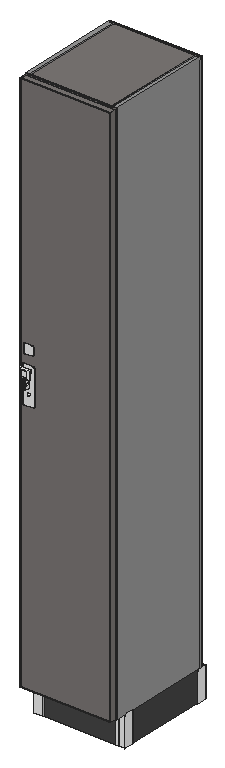
Revit family "Wood_Lockers_Hasps-Salsbury_Industries-41000_Series-1_Wide_Units.rfa", category Specialty Equipment, Revit 2016 (continued)
Definition of nested family "Premier Locker Doors_Hasp"
  Forms (in)
    Extrusion 1, solid, detail levels fine
      sketch origin (0, 0, 0) x (1, 0, 0) y (0, 0, 1)
        loop
          line (-5.9065, 0.031) -> (5.9065, 0.031) -> (5.9065, 71.719) -> (-5.9065, 71.719) -> (-5.9065, 0.031)
      from -0.344 to 0.344
    Extrusion 2, solid, material <- "Laminate Surface", detail levels fine
      sketch origin (0, 0.375, 0) x (1, 0, 0) y (0, 0, 1)
        loop
          line (-5.9065, 0.031) -> (5.9065, 0.031) -> (5.9065, 71.719) -> (-5.9065, 71.719) -> (-5.9065, 0.031)
      from 0.031 to 0
    Extrusion 3, solid, material <- "Laminate Surface"
      sketch origin (0, -0.375, 0) x (1, 0, 0) y (0, 0, 1)
        loop
          line (-5.9065, 0.031) -> (5.9065, 0.031) -> (5.9065, 71.719) -> (-5.9065, 71.719) -> (-5.9065, 0.031)
      from 0 to -0.031
    Sweep 4, solid, material <- "Door Trim"
      path origin (0, 0, 0) x (1, 0, 0) y (0, 0, 1)
        loop
          line (5.8125, 71.625) -> (-5.8125, 71.625) -> (-5.8125, 0.125) -> (5.8125, 0.125) -> (5.8125, 71.625)
      profile origin (0, 0, 71.625) x (0, 0, -1) y (0, -1, 0)
        loop
          line (-0.125, 0.375) -> (-0.125, -0.375) -> (-0.094, -0.375) -> (-0.094, 0.375) -> (-0.125, 0.375)
    Extrusion 5, void
      sketch origin (-1.875, -0.313, 0) x (1, 0, 0) y (0, 0, 1)
        loop
          arc (-3.41334, 40.75) -> (-3.51881, 40.70631) -> (-3.5625, 40.60084) r 0.14916
          line (-3.5625, 40.60084) -> (-3.5625, 39.64916)
          arc (-3.5625, 39.64916) -> (-3.51881, 39.54369) -> (-3.41334, 39.5) r 0.14916
          line (-3.41334, 39.5) -> (-2.46166, 39.5)
          arc (-2.46166, 39.5) -> (-2.35619, 39.54369) -> (-2.3125, 39.64916) r 0.14916
          line (-2.3125, 39.64916) -> (-2.3125, 40.60084)
          arc (-2.3125, 40.60084) -> (-2.35619, 40.70631) -> (-2.46166, 40.75) r 0.14916
          line (-2.46166, 40.75) -> (-3.41334, 40.75)
      from 0 to 0.062
    Extrusion 6, solid, visible <- "Visible Number Plates", detail levels medium+fine
      sketch origin (-1.875, -0.375, 0) x (1, 0, 0) y (0, 0, 1)
        loop
          arc (-3.41334, 40.75) -> (-3.51881, 40.70631) -> (-3.5625, 40.60084) r 0.14916
          line (-3.5625, 40.60084) -> (-3.5625, 39.64916)
          arc (-3.5625, 39.64916) -> (-3.51881, 39.54369) -> (-3.41334, 39.5) r 0.14916
          line (-3.41334, 39.5) -> (-2.46166, 39.5)
          arc (-2.46166, 39.5) -> (-2.35619, 39.54369) -> (-2.3125, 39.64916) r 0.14916
          line (-2.3125, 39.64916) -> (-2.3125, 40.60084)
          arc (-2.3125, 40.60084) -> (-2.35619, 40.70631) -> (-2.46166, 40.75) r 0.14916
          line (-2.46166, 40.75) -> (-3.41334, 40.75)
      from -0.062 to 0
    Extrusion 7, solid, detail levels medium+fine
      sketch origin (0, 0.375, 0) x (1, 0, 0) y (0, 0, 1)
        loop
          circle (-5.4875, 71.3) r 0.25
      from 0 to -0.25
    Extrusion 8, solid, detail levels medium+fine
      sketch origin (0, 0.375, 0) x (1, 0, 0) y (0, 0, 1)
        loop
          line (5.3125, 68.5) -> (5.3125, 69) -> (4.8125, 69) -> (4.8125, 68.5) -> (5.3125, 68.5)
      from 0 to -0.25
    Extrusion 9, solid, detail levels medium+fine
      sketch origin (0, 0.375, -0.25) x (1, 0, 0) y (0, 0, 1)
        loop
          line (5.3125, 3) -> (5.3125, 3.5) -> (4.8125, 3.5) -> (4.8125, 3) -> (5.3125, 3)
      from 0 to -0.25
    Extrusion 10, solid, visible <- "Visible Center Hinge", detail levels medium+fine
      sketch origin (0, 0.375, -0.25) x (1, 0, 0) y (0, 0, 1)
        loop
          line (5.3125, 35.875) -> (5.3125, 36.375) -> (4.8125, 36.375) -> (4.8125, 35.875) -> (5.3125, 35.875)
      from 0 to -0.25
    Extrusion 11, void
      sketch origin (-1.875, -0.375, 0) x (1, 0, 0) y (0, 0, 1)
        loop
          arc (-3.5625, 38.3125) -> (-3.65089, 38.27589) -> (-3.6875, 38.1875) r 0.125
          line (-3.6875, 38.1875) -> (-3.6875, 33.5625)
          arc (-3.6875, 33.5625) -> (-3.65089, 33.47411) -> (-3.5625, 33.4375) r 0.125
          line (-3.5625, 33.4375) -> (-2.3125, 33.4375)
          arc (-2.3125, 33.4375) -> (-2.22411, 33.47411) -> (-2.1875, 33.5625) r 0.125
          line (-2.1875, 33.5625) -> (-2.1875, 38.1875)
          arc (-2.1875, 38.1875) -> (-2.22411, 38.27589) -> (-2.3125, 38.3125) r 0.125
          line (-2.3125, 38.3125) -> (-3.5625, 38.3125)
      from -0.062 to 0
    Extrusion 12, solid
      sketch origin (-1.875, -0.375, 0) x (1, 0, 0) y (0, 0, 1)
        loop
          line (-2.3125, 38.3125) -> (-3.5625, 38.3125)
          arc (-3.5625, 38.3125) -> (-3.65089, 38.27589) -> (-3.6875, 38.1875) r 0.125
          line (-3.6875, 38.1875) -> (-3.6875, 33.5625)
          arc (-3.6875, 33.5625) -> (-3.65089, 33.47411) -> (-3.5625, 33.4375) r 0.125
          line (-3.5625, 33.4375) -> (-2.3125, 33.4375)
          arc (-2.3125, 33.4375) -> (-2.22411, 33.47411) -> (-2.1875, 33.5625) r 0.125
          line (-2.1875, 33.5625) -> (-2.1875, 38.1875)
          arc (-2.1875, 38.1875) -> (-2.22411, 38.27589) -> (-2.3125, 38.3125) r 0.125
      from 0 to -0.062
    Extrusion 13, void
      sketch origin (-1.875, -0.375, 0) x (1, 0, 0) y (0, 0, 1)
        loop
          line (-3.1255, 36.6245) -> (-3.1255, 35.74816)
          arc (-3.1255, 35.74816) -> (-2.9375, 35.56016) -> (-2.7495, 35.74816) r 0.188
          line (-2.7495, 35.74816) -> (-2.7495, 36.6245)
          arc (-2.7495, 36.6245) -> (-2.9375, 36.8125) -> (-3.1255, 36.6245) r 0.188
      from 0 to -0.75
    Sweep 14, solid, detail levels medium+fine
      path origin (-1.875, -0.375, 0) x (1, 0, 0) y (0, 0, 1)
        loop
          circle (-2.9375, 34.8125) r 0.01
      profile origin (-4.8125, -0.375, 34.8225) x (0, 0, -1) y (0, -1, 0)
        loop
          line (0, 0) -> (0, 0.125)
          arc (0, 0.125) -> (-0.10032, 0.09036) -> (-0.156, 0) r 0.15776
          line (-0.156, 0) -> (0, 0)
    Extrusion 15, solid, detail levels medium+fine
      sketch origin (-1.875, -0.375, 0) x (1, 0, 0) y (0, 0, 1)
        loop
          circle (-2.9375, 34.8125) r 0.01
      from 0 to 0.125
    Sweep 16, solid
      path origin (-1.875, -0.375, 0) x (1, 0, 0) y (0, 0, 1)
        loop
          line (-3.5625, 38.1875) -> (-3.5625, 36.9375) -> (-2.3125, 36.9375) -> (-2.3125, 38.1875) -> (-3.5625, 38.1875)
      profile origin (-4.8125, -0.375, 38.1875) x (0, 0, 1) y (0, -1, 0)
        loop
          line (-0.38067, 0) -> (-0.38067, 0.24142)
          arc (-0.38067, 0.24142) -> (-0.34525, 0.34191) -> (-0.25465, 0.39797) r 0.16024
          arc (-0.25465, 0.39797) -> (-0.10494, 0.46941) -> (0, 0.59789) r 0.37946
          spline (0, 0.59789) -> (-0.00179, 0.61485) -> (-0.00715, 0.6316) -> (-0.01601, 0.64793) -> (-0.02825, 0.66364) -> (-0.04373, 0.67852) -> (-0.06225, 0.6924) -> (-0.08358, 0.7051) -> (-0.10745, 0.71647) -> (-0.13357, 0.72635) -> (-0.16161, 0.73463) -> (-0.19123, 0.74121) -> (-0.22204, 0.746)
          arc (-0.22204, 0.746) -> (-0.31051, 0.60028) -> (-0.42829, 0.47704) r 0.78682
          arc (-0.42829, 0.47704) -> (-0.50625, 0.37521) -> (-0.53396, 0.25) r 0.29673
          line (-0.53396, 0.25) -> (-0.53396, 0) -> (-0.38067, 0)
    Blend 17, solid
      base sketch origin (-1.875, -1.125, 0) x (0, 0, -1) y (-1, 0, 0)
        loop
          line (-37.96546, 3.34046) -> (-37.96546, 2.53454) -> (-37.15954, 2.53454) -> (-37.15954, 3.34046) -> (-37.96546, 3.34046)
      top sketch origin (-1.875, -1.125, 0) x (0, 0, -1) y (-1, 0, 0)
        loop
          line (-37.93279, 3.30777) -> (-37.93279, 2.56715) -> (-37.19211, 2.56715) -> (-37.19211, 3.30777) -> (-37.93279, 3.30777)
      from 0 to 0.031
    Extrusion 18, solid
      sketch origin (-4.8125, 0, 0) x (0, 0, -1) y (0, -1, 0)
        loop
          line (-35.6844, 1) -> (-36.6844, 1) -> (-36.6844, -0.375) -> (-35.6844, -0.375) -> (-35.6844, 1)
      from -0.063 to 0.063
    Extrusion 19, void
      sketch origin (-4.8125, 35.51803, 36.85077) x (0, 1, 0) y (0, 0, -1)
        loop
          circle (-36.1844, 0.66637) r 0.25
      from -0.063 to 0.063
  Cuts and joins
    Extrusion 5, Extrusion 13 cuts Extrusion 1
    Extrusion 5, Extrusion 11 cuts Extrusion 3
    Extrusion 13 cuts Extrusion 12
    Extrusion 13 cuts Extrusion 2
    Extrusion 19 cuts Extrusion 18
  Lines and regions (in)
    symbolic lines
      curve 1: line (-5.9375, 0.375, 0) -> (5.9375, 0.375, 0)
      curve 2: line (5.9375, 0.375, 0) -> (5.9375, 0.375, 71.75)
      curve 3: line (5.9375, 0.375, 71.75) -> (-5.9375, 0.375, 71.75)
      curve 4: line (-5.9375, 0.375, 71.75) -> (-5.9375, 0.375, 0)
      curve 5: line (-5.9375, 0.375, 71.625) -> (5.9375, 0.375, 71.625)
      curve 6: line (-5.9375, -0.375, 71.625) -> (-5.9375, 0.375, 71.625)
      curve 7: line (5.9375, -0.375, 71.625) -> (-5.9375, -0.375, 71.625)
      curve 8: line (5.9375, 0.375, 71.625) -> (5.9375, -0.375, 71.625)
      curve 9: line (5.3125, 0.375, 71.625) -> (5.3125, 0.625, 71.625)
      curve 10: line (5.3125, 0.625, 71.625) -> (4.8125, 0.625, 71.625)
      curve 11: line (4.8125, 0.625, 71.625) -> (4.8125, 0.375, 71.625)
      curve 12: line (-5.73713, 0.375, 71.625) -> (-5.73713, 0.625, 71.625)
      curve 13: line (-5.2375, 0.375, 71.625) -> (-5.2375, 0.625, 71.625)
      curve 14: line (-5.2375, 0.625, 71.625) -> (-5.73713, 0.625, 71.625)
      curve 15: line (-4.8125, -0.375, 71.75) -> (-4.8125, 0.375, 71.75)
      curve 16: line (-4.8125, -0.375, 0) -> (-4.8125, -0.375, 71.75)
      curve 17: line (-4.8125, 0.375, 0) -> (-4.8125, -0.375, 0)
      curve 18: line (-4.8125, 0.375, 71.75) -> (-4.8125, 0.375, 0)
      curve 19: line (-4.8125, 0.375, 69) -> (-4.8125, 0.625, 69)
      curve 20: line (-4.8125, 0.625, 69) -> (-4.8125, 0.625, 68.5)
      curve 21: line (-4.8125, 0.625, 68.5) -> (-4.8125, 0.375, 68.5)
      curve 22: line (-4.8125, 0.375, 3.25) -> (-4.8125, 0.625, 3.25)
      curve 23: line (-4.8125, 0.625, 3.25) -> (-4.8125, 0.625, 2.75)
      curve 24: line (-4.8125, 0.625, 2.75) -> (-4.8125, 0.375, 2.75)
      curve 25: line (-4.8125, 0.375, 36.125) -> (-4.8125, 0.625, 36.125)
      curve 26: line (-4.8125, 0.625, 36.125) -> (-4.8125, 0.625, 35.625)
      curve 27: line (-4.8125, 0.625, 35.625) -> (-4.8125, 0.375, 35.625)
      curve 28: line (-5.5625, -0.375, 71.625) -> (-4.0625, -0.375, 71.625)
      curve 29: line (-5.4375, -1.125, 38.3125) -> (-4.1875, -1.125, 38.3125)
      curve 30: arc (-4.0625, -1.125, 38.1875) -> (-4.09911, -1.125, 38.27589) -> (-4.1875, -1.125, 38.3125) r 0.125
      curve 31: arc (-5.4375, -1.125, 38.3125) -> (-5.52589, -1.125, 38.27589) -> (-5.5625, -1.125, 38.1875) r 0.125
      curve 32: line (-5.5625, -1.125, 33.5625) -> (-5.5625, -1.125, 38.1875)
      curve 33: line (-4.0625, -1.125, 38.1875) -> (-4.0625, -1.125, 33.5625)
      curve 34: arc (-4.1875, -1.125, 33.4375) -> (-4.09911, -1.125, 33.47411) -> (-4.0625, -1.125, 33.5625) r 0.125
      curve 35: arc (-5.5625, -1.125, 33.5625) -> (-5.52589, -1.125, 33.47411) -> (-5.4375, -1.125, 33.4375) r 0.125
      curve 36: line (-4.1875, -1.125, 33.4375) -> (-5.4375, -1.125, 33.4375)
      curve 37: arc (-4.6245, -1.125, 36.6245) -> (-4.8125, -1.125, 36.8125) -> (-5.0005, -1.125, 36.6245) r 0.188
      curve 38: arc (-5.0005, -1.125, 35.7505) -> (-4.8125, -1.125, 35.5625) -> (-4.6245, -1.125, 35.7505) r 0.188
      curve 39: line (-4.6245, -1.125, 36.6245) -> (-4.6245, -1.125, 35.7505)
      curve 40: line (-5.0005, -1.125, 35.7505) -> (-5.0005, -1.125, 36.6245)
      curve 41: line (-4.1875, -1.125, 36.9375) -> (-5.4375, -1.125, 36.9375)
      curve 42: line (-4.1875, -1.125, 38.1875) -> (-4.1875, -1.125, 36.9375)
      curve 43: line (-5.4375, -1.125, 36.9375) -> (-5.4375, -1.125, 38.1875)
      curve 44: line (-5.4375, -1.125, 38.1875) -> (-4.1875, -1.125, 38.1875)
      curve 45: line (-4.8755, -1.125, 36.6844) -> (-4.7495, -1.125, 36.6844)
      curve 46: line (-4.7495, -1.125, 36.6844) -> (-4.7495, -1.125, 35.6844)
      curve 47: line (-4.8755, -1.125, 35.6844) -> (-4.8755, -1.125, 36.6844)
      curve 48: line (-4.7495, -1.125, 35.6844) -> (-4.8755, -1.125, 35.6844)
      curve 49: line (-4.8125, -1, 36.6844) -> (-4.8125, -0.375, 36.6844)
      curve 50: line (-4.8125, -1, 35.6844) -> (-4.8125, -1, 36.6844)
      curve 51: line (-4.8125, -0.375, 35.6844) -> (-4.8125, -1, 35.6844)
      curve 52: arc (-4.8125, -0.91637, 36.1844) -> (-4.8125, -0.66637, 36.4344) -> (-4.8125, -0.41637, 36.1844) r 0.25
      curve 53: arc (-4.8125, -0.41637, 36.1844) -> (-4.8125, -0.66637, 35.9344) -> (-4.8125, -0.91637, 36.1844) r 0.25
      curve 54: line (-4.8125, -0.375, 37.31817) -> (-4.8125, -0.61642, 37.31817)
      curve 55: arc (-4.8125, -0.77297, 37.19215) -> (-4.8125, -0.71691, 37.28275) -> (-4.8125, -0.61642, 37.31817) r 0.16024
      curve 56: arc (-4.8125, -0.97289, 36.9375) -> (-4.8125, -0.84441, 37.04244) -> (-4.8125, -0.77297, 37.19215) r 0.37946
      curve 57: spline (-4.8125, -1.121, 37.15954) -> (-4.8125, -1.11621, 37.12873) -> (-4.8125, -1.10963, 37.09911) -> (-4.8125, -1.10135, 37.07107) -> (-4.8125, -1.09147, 37.04495) -> (-4.8125, -1.0801, 37.02108) -> (-4.8125, -1.0674, 36.99975) -> (-4.8125, -1.05352, 36.98123) -> (-4.8125, -1.03864, 36.96575) -> (-4.8125, -1.02293, 36.95351) -> (-4.8125, -1.0066, 36.94465) -> (-4.8125, -0.98985, 36.93929) -> (-4.8125, -0.97289, 36.9375)
      curve 58: line (-4.8125, -1.125, 37.15954) -> (-4.8125, -1.125, 37.96546)
      curve 59: spline (-4.8125, -1.121, 37.96546) -> (-4.8125, -1.11621, 37.99627) -> (-4.8125, -1.10963, 38.02589) -> (-4.8125, -1.10135, 38.05393) -> (-4.8125, -1.09147, 38.08005) -> (-4.8125, -1.0801, 38.10392) -> (-4.8125, -1.0674, 38.12525) -> (-4.8125, -1.05352, 38.14377) -> (-4.8125, -1.03864, 38.15925) -> (-4.8125, -1.02293, 38.17149) -> (-4.8125, -1.0066, 38.18035) -> (-4.8125, -0.98985, 38.18571) -> (-4.8125, -0.97289, 38.1875)
      curve 60: arc (-4.8125, -0.97289, 38.1875) -> (-4.8125, -0.84441, 38.08256) -> (-4.8125, -0.77297, 37.93285) r 0.37946
      curve 61: arc (-4.8125, -0.77297, 37.93285) -> (-4.8125, -0.71691, 37.84225) -> (-4.8125, -0.61642, 37.80683) r 0.16024
      curve 62: line (-4.8125, -0.61642, 37.80683) -> (-4.8125, -0.375, 37.80683)
      curve 63: line (-5.05683, -0.61642, 71.625) -> (-5.05683, -0.375, 71.625)
      curve 64: arc (-5.18285, -0.77297, 71.625) -> (-5.09225, -0.71691, 71.625) -> (-5.05683, -0.61642, 71.625) r 0.16024
      curve 65: arc (-5.4375, -0.97289, 71.625) -> (-5.33256, -0.84441, 71.625) -> (-5.18285, -0.77297, 71.625) r 0.37946
      curve 66: line (-4.40954, -1.125, 71.625) -> (-5.21546, -1.125, 71.625)
      curve 67: spline (-4.40954, -1.121, 71.625) -> (-4.37873, -1.11621, 71.625) -> (-4.34911, -1.10963, 71.625) -> (-4.32107, -1.10135, 71.625) -> (-4.29495, -1.09147, 71.625) -> (-4.27108, -1.0801, 71.625) -> (-4.24975, -1.0674, 71.625) -> (-4.23123, -1.05352, 71.625) -> (-4.21575, -1.03864, 71.625) -> (-4.20351, -1.02293, 71.625) -> (-4.19465, -1.0066, 71.625) -> (-4.18929, -0.98985, 71.625) -> (-4.1875, -0.97289, 71.625)
      curve 68: arc (-4.1875, -0.97289, 71.625) -> (-4.29244, -0.84441, 71.625) -> (-4.44215, -0.77297, 71.625) r 0.37946
      curve 69: arc (-4.44215, -0.77297, 71.625) -> (-4.53275, -0.71691, 71.625) -> (-4.56817, -0.61642, 71.625) r 0.16024
      curve 70: line (-4.56817, -0.375, 71.625) -> (-4.56817, -0.61642, 71.625)
      curve 71: spline (-5.21546, -1.121, 71.625) -> (-5.24627, -1.11621, 71.625) -> (-5.27589, -1.10963, 71.625) -> (-5.30393, -1.10135, 71.625) -> (-5.33005, -1.09147, 71.625) -> (-5.35392, -1.0801, 71.625) -> (-5.37525, -1.0674, 71.625) -> (-5.39377, -1.05352, 71.625) -> (-5.40925, -1.03864, 71.625) -> (-5.42149, -1.02293, 71.625) -> (-5.43035, -1.0066, 71.625) -> (-5.43571, -0.98985, 71.625) -> (-5.4375, -0.97289, 71.625)
    reference lines
      curve 72: line (-5.9375, 0, 71.75) -> (5.3435, 0, 71.75)
      curve 73: line (5.3435, 0, 71.75) -> (-5.9375, 0, 71.75)
  Dimensions and locks (in)
    equal spacing: plane 4 "Left Side of Door", plane 3 "Center (Left/Right)", plane 5 "Right Side of Door"
    "Width": plane 4 "Left Side of Door" to plane 5 "Right Side of Door"
    equal spacing: plane 7 "Front of Door", plane 1 "Center (Front/Back)", plane 6 "Back of Door"
    "Depth": plane 7 "Front of Door" to plane 6 "Back of Door"
    equal spacing: plane 9 "Top of Door", plane 10 "Center of Door", plane 8 "Bottom of Door"
    "Height": plane 9 "Top of Door" to plane 8 "Bottom of Door"
    equal spacing: plane 11 "Top of Number Tag", plane 16 "Center of Number Tag", plane 12 "Bottom of Number Tag"
    "Number Tag Height": plane 11 "Top of Number Tag" to plane 12 "Bottom of Number Tag"
    equal spacing: plane 14 "Right Side of Number Tag", plane 15 "Horizontal Center of Number Tag", plane 13 "Left Side of Number Tag"
    "Number Tag Width": plane 14 "Right Side of Number Tag" to plane 13 "Left Side of Number Tag"
    "Number Tag-Horizontal Offset": plane 15 "Horizontal Center of Number Tag" to plane 5 "Right Side of Door"
    "Number Tag-Vertical Offset": plane 9 "Top of Door" to plane 16 "Center of Number Tag"
    "Lock Horizontal Offset": plane 4 "Left Side of Door" to plane 17 "Left Side of Lock"
    equal spacing: plane 20 "Top of Lock", plane 19 "Lock Vertical Center", plane 21 "Bottom of Lock"
    "Lock Height": plane 20 "Top of Lock" to plane 21 "Bottom of Lock"
    "Lock Vertical Offset": plane 9 "Top of Door" to plane 19 "Lock Vertical Center"
    plane 22 "Front of Hasp Stud" to plane 7 "Front of Door" = 0.125"
    locked: plane 24 "Right Side of Door-Left Side of Trim" to plane 5 "Right Side of Door" at 0.125
    locked: plane 4 "Left Side of Door" to plane 23 "Left Side of Door-Right Side of Trim" at 0.125
    locked: plane 9 "Top of Door" to plane 25 "Top of Door-Bottom of Trim" at 0.125
    plane 26 "Bottom of Door-Top of Trim" to plane 8 "Bottom of Door" = 0.125"
    plane 28 "Melamine-Particleboard Line" to plane 6 "Back of Door" = 0.031"
    plane 7 "Front of Door" to plane 27 "Laminate-Particleboard Line" = 0.031"
    plane 27 "Laminate-Particleboard Line" to plane 29 "Back of Number Plate Inset" = 0.031"
    equal spacing: plane 18 "Right Side of Lock", plane 30 "Center of Lock", plane 17 "Left Side of Lock", locked at 0.75 each
    "Lock Width": plane 18 "Right Side of Lock" to plane 17 "Left Side of Lock"
    plane 22 "Front of Hasp Stud" to plane 31 = 0.312"
    plane 6 "Back of Door" to plane 32 "Door Stopper Plane" = 0.250"
    locked: plane 23 "Left Side of Door-Right Side of Trim" to plane 33 at 0.325
    locked: plane 25 "Top of Door-Bottom of Trim" to plane 34 at 0.325
    locked: plane 9 "Top of Door" to plane 35 "Top Hinge" at 3
    plane 36 to plane 5 "Right Side of Door" = 0.625"
    plane 6 "Back of Door" to plane 28 "Melamine-Particleboard Line" = 0.031"
    plane 9 "Top of Door" to plane 25 "Top of Door-Bottom of Trim" = 0.125"
    plane 7 "Front of Door" to plane 38 "Inner Knob" = 0.719"
    locked: plane 38 "Inner Knob" to plane 39 "Front of Knob" at 0.031
    locked: plane 40 to plane 20 "Top of Lock" at 1.125
    locked: plane 21 "Bottom of Lock" to plane 41 at 1.125
    locked: plane 20 "Top of Lock" to plane 42 at 0.125
    locked: plane 18 "Right Side of Lock" to plane 43 at 0.125
    locked: plane 44 to plane 17 "Left Side of Lock" at 0.125
    plane 42 to plane 45 = 1.250"
    locked: plane 45 to plane 46 "Top of Hole" at 0.125
    plane 48 to plane 30 "Center of Lock" to plane 47 = 0.188" locked, 0.188" locked
    locked: plane 46 "Top of Hole" to plane 49 "Bottom of Hole" at 1.25
    plane 49 "Bottom of Hole" to plane 50 "Stud Alignment" = 0.750"
    locked: plane 42 to plane 51 "Center of Handle" at 0.625
    plane 52 to plane 51 "Center of Handle" to plane 53 = 0.188" locked, 0.188" locked
    plane 7 "Front of Door" to plane 39 "Front of Knob" = 0.750"
    locked: plane 42 to plane 54 at 0.22204
    locked: plane 55 to plane 45 at 0.22204
    locked: plane 7 "Front of Door" to plane 56 "Front of Latch" at 0.625
    locked: plane 57 to plane 58 at 1
    locked: plane 46 "Top of Hole" to plane 57 at 0.1281
    equal spacing: plane 58, plane 59, plane 57
    locked: plane 60 to plane 5 "Right Side of Door" at 0.594
    locked: plane 57 to plane 61 at 0.0599
    locked: plane 62 to plane 58 at 0.06376
    plane 12 "Bottom of Number Tag" to plane 20 "Top of Lock" = 1.1875"
    aligned and locked: level to plane 2
    aligned and locked: Extrusion 5 to plane 11 "Top of Number Tag"
    aligned and locked: plane 12 "Bottom of Number Tag" to Extrusion 5
    aligned and locked: Extrusion 5 to plane 14 "Right Side of Number Tag"
    aligned and locked: Extrusion 5 to plane 13 "Left Side of Number Tag"
    aligned and locked: plane 29 "Back of Number Plate Inset" to Extrusion 5
    aligned and locked: plane 7 "Front of Door" to Extrusion 5
    aligned and locked: plane 29 "Back of Number Plate Inset" to Extrusion 6
    aligned and locked: plane 7 "Front of Door" to Extrusion 6
    aligned and locked: Extrusion 6 to plane 14 "Right Side of Number Tag"
    aligned and locked: Extrusion 6 to plane 13 "Left Side of Number Tag"
    aligned and locked: Extrusion 6 to plane 11 "Top of Number Tag"
    aligned and locked: plane 12 "Bottom of Number Tag" to Extrusion 6
    aligned and locked: curve 9 to Extrusion 8
    aligned and locked: curve 10 to Extrusion 8
    aligned and locked: curve 11 to Extrusion 8
    aligned and locked: Extrusion 7 to curve 12
    aligned and locked: curve 14 to Extrusion 7
    aligned and locked: curve 16 to plane 7 "Front of Door"
    aligned and locked: curve 19 to Extrusion 8  (x2)
    aligned and locked: curve 21 to Extrusion 8
    aligned and locked: curve 18 to curve 22
    aligned and locked: curve 22 to Extrusion 9  (x2)
    aligned and locked: curve 24 to Extrusion 9
    aligned and locked: curve 25 to Extrusion 10
    aligned and locked: curve 26 to Extrusion 10
    aligned and locked: curve 27 to Extrusion 10
    aligned and locked: plane 20 "Top of Lock" to Extrusion 11 sketch curve
    aligned and locked: Extrusion 11 sketch curve to plane 21 "Bottom of Lock"
    aligned and locked: Extrusion 11 to plane 29 "Back of Number Plate Inset"
    aligned and locked: plane 7 "Front of Door" to Extrusion 11
    aligned and locked: Extrusion 3 to Extrusion 11
    aligned and locked: plane 50 "Stud Alignment" to Sweep 14  (x2)
    aligned and locked: Extrusion 15 to plane 7 "Front of Door"
    aligned and locked: Extrusion 15 to plane 22 "Front of Hasp Stud"
    aligned and locked: plane 50 "Stud Alignment" to Extrusion 15
    aligned and locked: Blend 17 to plane 39 "Front of Knob"
    aligned and locked: plane 38 "Inner Knob" to Blend 17
    aligned and locked: plane 6 "Back of Door" to Extrusion 18 sketch curve
    aligned and locked: plane 56 "Front of Latch" to Extrusion 18 sketch curve
    aligned and locked: Extrusion 18 to plane 57
    aligned and locked: plane 58 to Extrusion 18
    aligned and locked: plane 59 to cut or joined group of Extrusion 18, Extrusion 19
    aligned and locked: plane 61 to Extrusion 13 sketch curve  (x2)
    aligned and locked: plane 62 to Extrusion 13 sketch curve  (x2)
  Automatic sketch dimensions
    Extrusion 1 sketch curve to plane 4 "Left Side of Door" = 0.031"
    plane 5 "Right Side of Door" to Extrusion 1 sketch curve = 0.031"
    level to Extrusion 1 sketch curve = 0.031"
    plane 9 "Top of Door" to Extrusion 1 sketch curve = 0.031"
    Extrusion 2 sketch curve to plane 4 "Left Side of Door" = 0.031"
    plane 5 "Right Side of Door" to Extrusion 2 sketch curve = 0.031"
    level to Extrusion 2 sketch curve = 0.031"
    plane 9 "Top of Door" to Extrusion 2 sketch curve = 0.031"
    Extrusion 3 sketch curve to plane 4 "Left Side of Door" = 0.031"
    plane 5 "Right Side of Door" to Extrusion 3 sketch curve = 0.031"
    level to Extrusion 3 sketch curve = 0.031"
    plane 9 "Top of Door" to Extrusion 3 sketch curve = 0.031"
    plane 23 "Left Side of Door-Right Side of Trim" to Sweep 4 sketch curve = 0.000"
    plane 24 "Right Side of Door-Left Side of Trim" to Sweep 4 sketch curve = 0.000"  (x2)
    Sweep 4 sketch curve to plane 26 "Bottom of Door-Top of Trim" = 0.000"
    Sweep 4 sketch curve to plane 25 "Top of Door-Bottom of Trim" = 0.000"
    profile plane to Sweep 4 sketch curve = 0.125"
    Sweep 4 sketch curve to Sweep 4 sketch curve = 0.031"
    Sweep 4 sketch curve to plane 1 "Center (Front/Back)" = 0.375"
    plane 1 "Center (Front/Back)" to Sweep 4 sketch curve = 0.375"
    Extrusion 7 sketch curve to plane 33 = 0.000"
    Extrusion 7 sketch curve to plane 34 = 0.000"
    plane 36 to Extrusion 8 sketch curve = 0.000"
    Extrusion 8 sketch curve to Extrusion 8 sketch curve = 0.500"
    plane 35 "Top Hinge" to Extrusion 8 sketch curve = 0.250"
    Extrusion 8 sketch curve to plane 35 "Top Hinge" = 0.250"
    plane 36 to Extrusion 9 sketch curve = 0.000"
    Extrusion 9 sketch curve to Extrusion 9 sketch curve = 0.500"
    plane 37 "Bottom Hinge" to Extrusion 9 sketch curve = 0.250"
    Extrusion 9 sketch curve to plane 37 "Bottom Hinge" = 0.250"
    plane 36 to Extrusion 10 sketch curve = 0.000"
    Extrusion 10 sketch curve to Extrusion 10 sketch curve = 0.500"
    curve 4 to level = 0.000"
    plane 4 "Left Side of Door" to curve 4 = 0.000"
    plane 5 "Right Side of Door" to curve 3 = 0.000"
    curve 3 to plane 9 "Top of Door" = 0.000"
    Extrusion 5 sketch curve to plane 13 "Left Side of Number Tag" = 0.000"
    Extrusion 5 sketch curve to plane 12 "Bottom of Number Tag" = 0.000"
    Extrusion 5 sketch curve to plane 11 "Top of Number Tag" = 0.000"
    Extrusion 5 sketch curve to plane 14 "Right Side of Number Tag" = 0.000"
    Extrusion 6 sketch curve to plane 13 "Left Side of Number Tag" = 0.000"
    Extrusion 6 sketch curve to plane 12 "Bottom of Number Tag" = 0.000"
    Extrusion 6 sketch curve to plane 11 "Top of Number Tag" = 0.000"
    Extrusion 6 sketch curve to plane 14 "Right Side of Number Tag" = 0.000"
    Extrusion 11 sketch curve to plane 13 "Left Side of Number Tag" = 0.125"
    Extrusion 10 sketch curve to plane 10 "Center of Door" = 0.250"
    plane 10 "Center of Door" to Extrusion 10 sketch curve = 0.250"
    Extrusion 11 sketch curve to plane 21 "Bottom of Lock" = 0.125"
    plane 13 "Left Side of Number Tag" to Extrusion 5 sketch curve = 0.14916"
    Extrusion 5 sketch curve to Extrusion 5 sketch curve = 0.14916"  (x2)
    plane 13 "Left Side of Number Tag" to Extrusion 6 sketch curve = 0.14916"
    Extrusion 6 sketch curve to plane 12 "Bottom of Number Tag" = 0.14916"
    plane 13 "Left Side of Number Tag" to Extrusion 11 sketch curve = 0.000"  (x2)
    Extrusion 5 sketch curve to plane 12 "Bottom of Number Tag" = 0.14916"
    Extrusion 6 sketch curve to plane 14 "Right Side of Number Tag" = 0.14916"  (x2)
    plane 14 "Right Side of Number Tag" to Extrusion 11 sketch curve = 0.000"  (x2)
    Extrusion 12 sketch curve to plane 17 "Left Side of Lock" = 0.000"
    plane 13 "Left Side of Number Tag" to Extrusion 12 sketch curve = 0.000"  (x2)
    plane 14 "Right Side of Number Tag" to Extrusion 12 sketch curve = 0.000"  (x2)
    Extrusion 12 sketch curve to plane 20 "Top of Lock" = 0.000"
    Extrusion 12 sketch curve to plane 18 "Right Side of Lock" = 0.000"
    Extrusion 12 sketch curve to plane 21 "Bottom of Lock" = 0.125"
    plane 15 "Horizontal Center of Number Tag" to Sweep 14 sketch curve = 0.000"
    Sweep 14 sketch curve to plane 50 "Stud Alignment" = 0.000"
    Sweep 14 sketch curve to plane 7 "Front of Door" = 0.000"
    Sweep 14 sketch curve to profile plane = 0.000"
    profile plane to Sweep 14 sketch curve = 0.00168"
    profile plane to Sweep 14 sketch curve = 0.156"
    Sweep 14 sketch curve to plane 7 "Front of Door" = 0.03275"
    Extrusion 15 sketch curve to Extrusion 15 sketch curve = 0.000"  (x2)
    Extrusion 15 sketch curve to plane 50 "Stud Alignment" = 0.000"
    plane 15 "Horizontal Center of Number Tag" to Extrusion 15 sketch curve = 0.000"
    plane 15 "Horizontal Center of Number Tag" to Extrusion 15 sketch curve = 0.010"
    plane 13 "Left Side of Number Tag" to Sweep 16 sketch curve = 0.000"
    plane 14 "Right Side of Number Tag" to Sweep 16 sketch curve = 0.000"
    Sweep 16 sketch curve to plane 45 = 0.000"
    Sweep 16 sketch curve to plane 42 = 0.000"
    Sweep 16 sketch curve to plane 7 "Front of Door" = 0.000"
    profile plane to Sweep 16 sketch curve = 0.000"
    profile plane to Sweep 16 sketch curve = 0.22043"
    Sweep 16 sketch curve to Sweep 16 sketch curve = 0.01681"
    profile plane to Sweep 16 sketch curve = 0.33926"
    Sweep 16 sketch curve to Sweep 16 sketch curve = 0.14344"
    Sweep 16 sketch curve to Sweep 16 sketch curve = 0.15329"
    Sweep 16 sketch curve to Sweep 16 sketch curve = 0.59563"
    Sweep 16 sketch curve to Sweep 16 sketch curve = 0.24142"
    Sweep 16 sketch curve to Sweep 16 sketch curve = 0.00858"
    Sweep 16 sketch curve to Sweep 16 sketch curve = 0.51788"
    Sweep 16 sketch curve to Sweep 16 sketch curve = 0.31119"
    Sweep 16 sketch curve to Sweep 16 sketch curve = 0.11721"
    Sweep 16 sketch curve to Sweep 16 sketch curve = 0.01742"
    Sweep 16 sketch curve to Sweep 16 sketch curve = 0.06553"
    Sweep 16 sketch curve to Sweep 16 sketch curve = 0.000"
    Blend 17 sketch curve to plane 54 = 0.000"
    Blend 17 sketch curve to plane 55 = 0.000"
    Blend 17 sketch curve to plane 47 = 0.21496"
    plane 48 to Blend 17 sketch curve = 0.21496"
    plane 54 to Blend 17 sketch curve = 0.03267"
    Blend 17 sketch curve to plane 40 = 0.00461"
    Blend 17 sketch curve to plane 47 = 0.18235"
    plane 48 to Blend 17 sketch curve = 0.18227"
    Extrusion 18 sketch curve to plane 57 = 0.000"
    Extrusion 18 sketch curve to plane 58 = 0.000"
    plane 59 to Extrusion 19 sketch curve = 0.000"
    Extrusion 19 sketch curve to plane 22 "Front of Hasp Stud" = 0.16637"
    curve 29 to plane 14 "Right Side of Number Tag" = 0.000"
    curve 29 to plane 20 "Top of Lock" = 0.000"
    curve 30 to plane 18 "Right Side of Lock" = 0.000"
    curve 29 to plane 13 "Left Side of Number Tag" = 0.000"
    curve 31 to plane 42 = 0.000"
    curve 32 to plane 21 "Bottom of Lock" = 0.125"
    curve 34 to plane 14 "Right Side of Number Tag" = 0.000"
    curve 35 to plane 13 "Left Side of Number Tag" = 0.000"
    plane 15 "Horizontal Center of Number Tag" to curve 37 = 0.000"
    plane 47 to curve 37 = 0.000"
    plane 57 to curve 37 = 0.0599"
    curve 39 to plane 58 = 0.0661"
    curve 42 to plane 14 "Right Side of Number Tag" = 0.000"
    curve 41 to plane 13 "Left Side of Number Tag" = 0.000"
    curve 41 to plane 45 = 0.000"
    curve 43 to plane 42 = 0.000"
    curve 46 to plane 57 = 0.000"
    curve 46 to plane 15 "Horizontal Center of Number Tag" = 0.063"
    plane 15 "Horizontal Center of Number Tag" to curve 45 = 0.063"
    curve 47 to plane 58 = 0.000"
    curve 15 to plane 6 "Back of Door" = 0.000"
    plane 9 "Top of Door" to curve 15 = 0.000"
    plane 57 to curve 49 = 0.000"
    curve 51 to plane 56 "Front of Latch" = 0.000"
    plane 58 to curve 51 = 0.000"
    curve 17 to level = 0.000"
    plane 59 to curve 52 = 0.000"
    curve 53 to plane 22 "Front of Hasp Stud" = 0.16637"
    plane 7 "Front of Door" to curve 53 = 0.04137"
    plane 53 to curve 54 = 0.05633"
    curve 54 to plane 22 "Front of Hasp Stud" = 0.11642"
    plane 55 to curve 55 = 0.00161"
    curve 55 to plane 40 = 0.00465"
    plane 45 to curve 56 = 0.000"
    curve 56 to plane 39 "Front of Knob" = 0.01788"
    curve 56 to plane 40 = 0.08926"
    plane 55 to curve 57 = 0.000"
    curve 57 to plane 40 = 0.03757"
    plane 39 "Front of Knob" to curve 57 = 0.004"
    plane 42 to curve 60 = 0.000"
    curve 58 to plane 39 "Front of Knob" = 0.000"
    plane 54 to curve 58 = 0.000"
    plane 54 to curve 59 = 0.000"
    plane 55 to curve 58 = 0.000"
    curve 60 to plane 39 "Front of Knob" = 0.01788"
    curve 60 to plane 52 = 0.09774"
    plane 54 to curve 60 = 0.03261"
    plane 56 "Front of Latch" to curve 59 = 0.02711"
    plane 54 to curve 59 = 0.06553"
    plane 39 "Front of Knob" to curve 59 = 0.004"
    curve 61 to plane 54 = 0.00161"
    curve 61 to plane 22 "Front of Hasp Stud" = 0.11642"
    plane 6 "Back of Door" to curve 9 = 0.000"
    curve 6 to plane 4 "Left Side of Door" = 0.000"
    plane 7 "Front of Door" to curve 6 = 0.000"
    plane 7 "Front of Door" to curve 28 = 0.000"
    curve 67 to plane 14 "Right Side of Number Tag" = 0.000"
    curve 65 to plane 13 "Left Side of Number Tag" = 0.000"
    curve 66 to plane 39 "Front of Knob" = 0.000"
    curve 28 to plane 17 "Left Side of Lock" = 0.000"
    curve 28 to plane 18 "Right Side of Lock" = 0.000"
    curve 8 to plane 5 "Right Side of Door" = 0.000"
    curve 64 to plane 22 "Front of Hasp Stud" = 0.11642"
    curve 69 to plane 22 "Front of Hasp Stud" = 0.11642"
    curve 68 to plane 39 "Front of Knob" = 0.01788"
    curve 65 to plane 39 "Front of Knob" = 0.01788"
    curve 14 to plane 23 "Left Side of Door-Right Side of Trim" = 0.07537"
    plane 48 to curve 64 = 0.21657"
    plane 48 to curve 65 = 0.09774"
    plane 48 to curve 63 = 0.05633"
    curve 70 to plane 47 = 0.05633"
    curve 68 to plane 47 = 0.09774"
    curve 69 to curve 69 = 0.16024"
    curve 64 to curve 65 = 0.15655"
    curve 69 to curve 68 = 0.15655"
    plane 39 "Front of Knob" to curve 67 = 0.004"
    plane 33 to curve 14 = 0.250"
    curve 66 to curve 65 = 0.11721"
    curve 67 to plane 47 = 0.14943"
    curve 68 to curve 66 = 0.11721"
    curve 67 to curve 66 = 0.000"
    plane 39 "Front of Knob" to curve 71 = 0.004"
    curve 71 to curve 66 = 0.000"
    plane 48 to curve 71 = 0.14943"
    plane 1 "Center (Front/Back)" to curve 73 = 0.000"
    curve 73 to plane 4 "Left Side of Door" = 0.000"
    curve 73 to plane 60 = 0.000"
    plane 48 to Extrusion 13 sketch curve = 0.000"
    plane 15 "Horizontal Center of Number Tag" to Extrusion 13 sketch curve = 0.000"
    radius of Extrusion 7 sketch curve = 0.250"
    radius of Sweep 14 sketch curve = 0.010"
    radius of Extrusion 19 sketch curve = 0.250"
Definition of nested family "Wood Locker Flat Corner Fillers"
  Parameters (values of type "33337 - for 15" D Lockers")
    Width = 16.875"
    Visible = yes
    Version = "1.0 (2/29/16)"
    Type Comments = "Flat Top Corner Filler for Designer Wood Lockers"
    Model = "33337"
    Manufacturer = "Salsbury Industries"
    Laminate Surface = none
    Height = 0.750"
    Description = "For 15\" D Lockers"
    Depth = 16.875"
  Types (8): name | Width | Visible | Version | Type Comments | Model | Manufacturer | Description | Depth
    (no name) | 16.875" | yes | "1.0 (2/29/16)" | "Flat Top Corner Filler for Designer Wood Lockers" | "33337" | "Salsbury Industries" | "For 15\" D Lockers" | 16.875"
    33337 - for 15" D Lockers | 16.875" | yes | "1.0 (2/29/16)" | "Flat Top Corner Filler for Designer Wood Lockers" | "33337" | "Salsbury Industries" | "For 15\" D Lockers" | 16.875"
    None | 15.000" | no | "" | "" | "" | "" | "" | 13.250"
    33338 - for 18" D Lockers | 19.875" | yes | "1.0 (2/29/16)" | "Flat Top Corner Filler for Designer Wood Lockers" | "33338" | "Salsbury Industries" | "For 18\" D Lockers" | 19.875"
    33331 - for 21" D Lockers | 22.875" | yes | "1.0 (2/29/16)" | "Flat Top Corner Filler for Designer Wood Lockers" | "33331" | "Salsbury Industries" | "For 21\" D Lockers" | 22.875"
    22239 - for 24" D Lockers | 25.875" | yes | "1.0 (2/29/16)" | "Flat Top Corner Filler for Extra Wide Designer Wood Lockers" | "22239" | "Salsbury Industries" | "For 24\" D Lockers" | 25.875"
    22232 - for 18" D Lockers | 19.875" | yes | "1.0 (2/29/16)" | "Flat Top Corner Filler for Extra Wide Designer Wood Lockers" | "22232" | "Salsbury Industries" | "For 18\" D Lockers" | 19.875"
    22231 - for 21" D Lockers | 22.875" | yes | "1.0 (2/29/16)" | "Flat Top Corner Filler for Extra Wide Designer Wood Lockers" | "22231" | "Salsbury Industries" | "For 21\" D Lockers" | 22.875"
  Reference planes (in)
    plane 1 "Center (Front/Back)": y = 0
    plane 2: z = 0
    plane 3 "Center (Left/Right)": x = 0
    plane 4 "Right Side": x = 8.4375
    plane 5 "Left Side": x = -8.4375
    plane 6 "Front Side": y = -8.4375
    plane 7 "Back Side": y = 8.4375
    plane 8 "Bottom": z = 0
    plane 9 "Top Side": z = 0.75
    plane 10 "Wood - Laminate Line": z = 0.719
    plane 11: x = -5.4375
    plane 12: y = -5.4375
  Forms (in)
    Extrusion 1, solid, visible <- "Visible"
      sketch origin (0, 0, 0) x (0, -1, 0) y (1, 0, 0)
        loop
          line (-8.4375, -8.4375) -> (5.4375, -8.4375) -> (5.4375, -5.4375) -> (8.4375, -5.4375) -> (8.4375, 8.4375) -> (-8.4375, 8.4375) -> (-8.4375, -8.4375)
      from 0 to 0.719
    Extrusion 2, solid, material <- "Laminate Surface", visible <- "Visible"
      sketch origin (0, 0, 0.75) x (1, 0, 0) y (0, 1, 0)
        loop
          line (-8.4375, -5.4375) -> (-5.4375, -5.4375) -> (-5.4375, -8.4375) -> (8.4375, -8.4375) -> (8.4375, 8.4375) -> (-8.4375, 8.4375) -> (-8.4375, -5.4375)
      from -0.031 to 0
  Dimensions and locks (in)
    equal spacing: plane 6 "Front Side", plane 1 "Center (Front/Back)", plane 7 "Back Side"
    equal spacing: plane 5 "Left Side", plane 3 "Center (Left/Right)", plane 4 "Right Side"
    "Width": plane 5 "Left Side" to plane 4 "Right Side"
    "Depth": plane 6 "Front Side" to plane 7 "Back Side"
    "Height": plane 9 "Top Side" to plane 8 "Bottom"
    locked: plane 9 "Top Side" to plane 10 "Wood - Laminate Line" at 0.031
    locked: plane 6 "Front Side" to plane 12 at 3
    locked: plane 5 "Left Side" to plane 11 at 3
    plane 12 to plane 7 "Back Side" = 13.875"
    aligned and locked: level to plane 2
  Automatic sketch dimensions
    Extrusion 2 sketch curve to plane 5 "Left Side" = 0.000"
    plane 6 "Front Side" to Extrusion 2 sketch curve = 0.000"
    Extrusion 2 sketch curve to plane 11 = 0.000"
    Extrusion 2 sketch curve to plane 4 "Right Side" = 0.000"
    Extrusion 2 sketch curve to plane 12 = 0.000"
    plane 7 "Back Side" to Extrusion 2 sketch curve = 0.000"
    Extrusion 1 sketch curve to plane 5 "Left Side" = 0.000"
    plane 7 "Back Side" to Extrusion 1 sketch curve = 0.000"
    Extrusion 1 sketch curve to plane 12 = 0.000"
    Extrusion 1 sketch curve to plane 4 "Right Side" = 0.000"
    plane 6 "Front Side" to Extrusion 1 sketch curve = 0.000"
    Extrusion 1 sketch curve to plane 11 = 0.000"
Definition of nested family "Wood Locker Front Fillers"
  Parameters (values of type "44467 - 15" W for 6'H Lockers without Base")
    Width = 15.000"
    Visible Base = no
    Visible = yes
    Version = "1.0 (12/15/23)"
    Type Comments = "Front Vertical Filler for Premier Wood Lockers"
    Model = "44467"
    Manufacturer = "Salsbury Industries"
    Laminate Surface = none
    Height = 72.000"
    Description = "For 6' H Lockers"
    Depth = 0.750"
    Base Material = none
    Base Height = 0.000"
  Types (3): name | Width | Visible | Version | Type Comments | Model | Manufacturer | Description | Base Height
    None | 15.000" | no | "" | "" | "" | "" | "" | 4.000"
    44467 - 15" W for 6'H Lockers without Base | 15.000" | yes | "1.0 (12/15/23)" | "Front Vertical Filler for Premier Wood Lockers" | "44467" | "Salsbury Industries" | "For 6' H Lockers" | 0.000"
    44469 - 9" W for 6' H Lockers without Base | 9.000" | yes | "1.0 (12/15/23)" | "Front Vertical Filler for Premier Wood Lockers" | "44469" | "Salsbury Industries" | "For 6' H Lockers" | 0.000"
  Reference planes (in)
    plane 1 "Center (Front/Back)": y = 0
    plane 2: z = 0
    plane 3 "Center (Left/Right)": x = 0
    plane 4 "Back": y = 0.375
    plane 5 "Front": y = -0.375
    plane 6 "Left Side": x = -7.5
    plane 7 "Right Side": x = 7.5
    plane 8 "Bottom": z = 0
    plane 9 "Top": z = 72
    plane 10 "Center Elevation": z = 36
    plane 11 "Wood - Laminate Edge": y = -0.344
    plane 12 "Right Side of Wood": x = 7.375
    plane 13 "Left Side of Wood": x = -7.375
    plane 14 "Top of Wood": z = 71.875
    plane 15 "Bottom of Wood": z = 0.125
    plane 16 "Front of Base Filler": y = 1
  Forms (in)
    Extrusion 1, solid, visible <- "Visible"
      sketch origin (0, 0.375, 0) x (1, 0, 0) y (0, 0, 1)
        loop
          line (7.5, 72) -> (-7.5, 72) -> (-7.5, 0) -> (7.5, 0) -> (7.5, 72)
      from 0 to 0.719
    Extrusion 2, solid, material <- "Laminate Surface", visible <- "Visible"
      sketch origin (0, -0.375, 0) x (1, 0, 0) y (0, 0, 1)
        loop
          line (-7.5, 72) -> (-7.5, 0) -> (7.5, 0) -> (7.5, 72) -> (-7.5, 72)
      from -0.031 to 0
    Extrusion 3, solid, material <- "Base Material", visible <- "Visible Base"
      sketch origin (0, 0, 0) x (1, 0, 0) y (0, 1, 0)
        loop
          line (-7.5, 1.75) -> (-7.5, 0.375) -> (7.5, 0.375) -> (7.5, 1.75) -> (-7.5, 1.75)
      from 0 to 0.75
    Extrusion 4, solid, material <- "Base Material", visible <- "Visible Base"
      sketch origin (0, 0, 0) x (1, 0, 0) y (0, 1, 0)
        loop
          line (-7.5, 1.75) -> (-7.5, 1) -> (7.5, 1) -> (7.5, 1.75) -> (-7.5, 1.75)
      from 0 to -4
  Dimensions and locks (in)
    equal spacing: plane 6 "Left Side", plane 3 "Center (Left/Right)", plane 7 "Right Side"
    plane 5 "Front" to plane 1 "Center (Front/Back)" to plane 4 "Back" = 0.375", 0.375"
    "Width": plane 6 "Left Side" to plane 7 "Right Side"
    "Depth": plane 5 "Front" to plane 4 "Back"
    equal spacing: plane 9 "Top", plane 10 "Center Elevation", plane 8 "Bottom"
    locked: plane 5 "Front" to plane 11 "Wood - Laminate Edge" at 0.031
    locked: plane 15 "Bottom of Wood" to plane 8 "Bottom" at 0.125
    locked: plane 12 "Right Side of Wood" to plane 7 "Right Side" at 0.125
    locked: plane 6 "Left Side" to plane 13 "Left Side of Wood" at 0.125
    locked: plane 9 "Top" to plane 14 "Top of Wood" at 0.125
    locked: plane 5 "Front" to plane 16 "Front of Base Filler" at 1.375
    "Base Height": plane 8 "Bottom" to plane 2
    "Height": plane 9 "Top" to plane 8 "Bottom"
    aligned and locked: level to plane 2
    aligned and locked: plane 8 "Bottom" to Extrusion 1
  Automatic sketch dimensions
    plane 6 "Left Side" to Extrusion 1 sketch curve = 0.000"
    plane 7 "Right Side" to Extrusion 1 sketch curve = 0.000"
    level to Extrusion 1 sketch curve = 0.000"
    Extrusion 1 sketch curve to plane 9 "Top" = 0.000"
    plane 6 "Left Side" to Extrusion 2 sketch curve = 0.000"
    plane 7 "Right Side" to Extrusion 2 sketch curve = 0.000"
    plane 15 "Bottom of Wood" to Extrusion 2 sketch curve = 0.125"
    Extrusion 2 sketch curve to plane 9 "Top" = 0.000"
    plane 4 "Back" to Extrusion 3 sketch curve = 0.000"
    Extrusion 3 sketch curve to plane 6 "Left Side" = 0.000"
    Extrusion 3 sketch curve to plane 7 "Right Side" = 0.000"
    Extrusion 3 sketch curve to plane 16 "Front of Base Filler" = 0.750"
    Extrusion 4 sketch curve to plane 6 "Left Side" = 0.000"
    Extrusion 4 sketch curve to plane 7 "Right Side" = 0.000"
    plane 16 "Front of Base Filler" to Extrusion 4 sketch curve = 0.000"
    Extrusion 4 sketch curve to plane 16 "Front of Base Filler" = 0.750"
Definition of nested family "Wood Locker Flat In-Line Fillers"
  Parameters (values of type "22241 - 9" W for 21" D Lockers")
    Width = 9.000"
    Visible = yes
    Version = "1.0 (2/29/16)"
    Type Comments = "Flat Top In-Line Filler for Extra Wide Designer Wood Lockers"
    Model = "22241"
    Manufacturer = "Salsbury Industries"
    Laminate Surface = none
    Height = 0.750"
    Description = "For 21\" D Lockers"
    Depth = 19.250"
  Types (14): name | Width | Visible | Version | Type Comments | Model | Manufacturer | Description | Depth
    (no name) | 9.000" | yes | "1.0 (2/29/16)" | "Flat Top In-Line Filler for Extra Wide Designer Wood Lockers" | "22241" | "Salsbury Industries" | "For 21\" D Lockers" | 19.250"
    33347 - 15" W for 15" D Lockers | 15.000" | yes | "1.0 (2/29/16)" | "Flat Top In-Line Filler for Designer Wood Lockers" | "33347" | "Salsbury Industries" | "For 15\" D Lockers" | 13.250"
    33348 - 15" W for 18" D Lockers | 15.000" | yes | "1.0 (2/29/16)" | "Flat Top In-Line Filler for Designer Wood Lockers" | "33348" | "Salsbury Industries" | "For 18\" D Lockers" | 16.250"
    33341 - 15" W for 21" D Lockers | 15.000" | yes | "1.0 (2/29/16)" | "Flat Top In-Line Filler for Designer Wood Lockers" | "33341" | "Salsbury Industries" | "For 21\" D Lockers" | 19.250"
    22249 - 15" W for 24" D Lockers | 15.000" | yes | "1.0 (2/29/16)" | "Flat Top In-Line Filler for Extra Wide Designer Wood Lockers" | "22249" | "Salsbury Industries" | "For 24\" D Lockers" | 22.250"
    None | 15.000" | no | "" | "" | "" | "" | "" | 13.250"
    22248 -  15" W for 18" D Lockers | 15.000" | yes | "1.0 (2/29/16)" | "Flat Top In-Line Filler for Extra Wide Designer Wood Lockers" | "22248" | "Salsbury Industries" | "For 18\" D Lockers" | 16.250"
    22241 - 15" W for 21" D Lockers | 15.000" | yes | "1.0 (2/29/16)" | "Flat Top In-Line Filler for Extra Wide Designer Wood Lockers" | "22241" | "Salsbury Industries" | "For 21\" D Lockers" | 19.250"
    33348 - 9" W for 18" D Lockers | 9.000" | yes | "1.0 (2/29/16)" | "Flat Top In-Line Filler for Designer Wood Lockers" | "33348" | "Salsbury Industries" | "For 18\" D Lockers" | 16.250"
    33347 - 9" W for 15" D Lockers | 9.000" | yes | "1.0 (2/29/16)" | "Flat Top In-Line Filler for Designer Wood Lockers" | "33347" | "Salsbury Industries" | "For 15\" D Lockers" | 13.250"
    33341 - 9" W for 21" D Lockers | 9.000" | yes | "1.0 (2/29/16)" | "Flat Top In-Line Filler for Designer Wood Lockers" | "33341" | "Salsbury Industries" | "For 21\" D Lockers" | 19.250"
    22249 - 9" W for 24" D Lockers | 9.000" | yes | "1.0 (2/29/16)" | "Flat Top In-Line Filler for Extra Wide Designer Wood Lockers" | "22249" | "Salsbury Industries" | "For 24\" D Lockers" | 22.250"
    22248 - 9" W for 18" D Lockers | 9.000" | yes | "1.0 (2/29/16)" | "Flat Top In-Line Filler for Extra Wide Designer Wood Lockers" | "22248" | "Salsbury Industries" | "For 18\" D Lockers" | 16.250"
    22241 - 9" W for 21" D Lockers | 9.000" | yes | "1.0 (2/29/16)" | "Flat Top In-Line Filler for Extra Wide Designer Wood Lockers" | "22241" | "Salsbury Industries" | "For 21\" D Lockers" | 19.250"
  Reference planes (in)
    plane 1 "Center (Front/Back)": y = 0
    plane 2: z = 0
    plane 3 "Center (Left/Right)": x = 0
    plane 4 "Right Side": x = 4.5
    plane 5 "Left Side": x = -4.5
    plane 6 "Front Side": y = -9.625
    plane 7 "Back Side": y = 9.625
    plane 8 "Bottom": z = 0
    plane 9 "Top Side": z = 0.75
    plane 10 "Wood - Laminate Line": z = 0.719
  Forms (in)
    Extrusion 1, solid, visible <- "Visible"
      sketch origin (0, 0, 0) x (0, -1, 0) y (1, 0, 0)
        loop
          line (-9.625, -4.5) -> (9.625, -4.5) -> (9.625, 4.5) -> (-9.625, 4.5) -> (-9.625, -4.5)
      from 0 to 0.719
    Extrusion 2, solid, material <- "Laminate Surface", visible <- "Visible"
      sketch origin (0, 0, 0.75) x (1, 0, 0) y (0, 1, 0)
        loop
          line (-4.5, -9.625) -> (4.5, -9.625) -> (4.5, 9.625) -> (-4.5, 9.625) -> (-4.5, -9.625)
      from -0.031 to 0
  Dimensions and locks (in)
    equal spacing: plane 6 "Front Side", plane 1 "Center (Front/Back)", plane 7 "Back Side"
    equal spacing: plane 5 "Left Side", plane 3 "Center (Left/Right)", plane 4 "Right Side"
    "Width": plane 5 "Left Side" to plane 4 "Right Side"
    "Depth": plane 6 "Front Side" to plane 7 "Back Side"
    "Height": plane 9 "Top Side" to plane 8 "Bottom"
    locked: plane 9 "Top Side" to plane 10 "Wood - Laminate Line" at 0.031
    aligned and locked: level to plane 2
  Automatic sketch dimensions
    Extrusion 1 sketch curve to plane 4 "Right Side" = 0.000"
    plane 7 "Back Side" to Extrusion 1 sketch curve = 0.000"
    Extrusion 1 sketch curve to plane 5 "Left Side" = 0.000"
    plane 6 "Front Side" to Extrusion 1 sketch curve = 0.000"
    Extrusion 2 sketch curve to plane 5 "Left Side" = 0.000"
    plane 4 "Right Side" to Extrusion 2 sketch curve = 0.000"
    plane 6 "Front Side" to Extrusion 2 sketch curve = 0.000"
    Extrusion 2 sketch curve to plane 7 "Back Side" = 0.000"
Definition of nested family "Wood Locker Fascia Fillers"
  Parameters (values of type "44462 - for 3-Wide Units")
    Width = 36.000"
    Visible = yes
    Type Comments = "Front Fascia Filler for Premier Wood Lockers"
    Model = "44462"
    Manufacturer = "Salsbury Industries"
    Laminate Surface = none
    Height = 4.000"
    Description = "4' W for Standard Designer Lockers"
    Depth = 0.750"
  Types (4): name | Width | Visible | Type Comments | Model | Manufacturer | Description
    (no name) | 36.000" | yes | "Front Fascia Filler for Premier Wood Lockers" | "44462" | "Salsbury Industries" | "4' W for Standard Designer Lockers"
    44462 - for 1-Wide Units | 12.000" | yes | "Front Fascia Filler for Premier Wood Lockers" | "44462" | "Salsbury Industries" | "4' W for Standard Designer Lockers"
    None | 12.000" | no | "" | "" | "" | ""
    44462 - for 3-Wide Units | 36.000" | yes | "Front Fascia Filler for Premier Wood Lockers" | "44462" | "Salsbury Industries" | "4' W for Standard Designer Lockers"
  Reference planes (in)
    plane 1 "Center (Front/Back)": y = 0
    plane 2: z = 0
    plane 3 "Center (Left/Right)": x = 0
    plane 4 "Back": y = 0.375
    plane 5 "Front": y = -0.375
    plane 6 "Left Side": x = -18
    plane 7 "Right Side": x = 18
    plane 8 "Bottom": z = 0
    plane 9 "Top": z = 4
    plane 10 "Center Elevation": z = 2
    plane 11 "Wood - Laminate Edge": y = -0.344
    plane 12 "Right Side of Wood": x = 17.875
    plane 13 "Left Side of Wood": x = -17.875
    plane 14 "Top of Wood": z = 3.875
    plane 15 "Bottom of Wood": z = 0.125
    plane 16 "Base Bottom": z = 0
    plane 17 "Front of Base Filler": y = 1
  Forms (in)
    Extrusion 1, solid, visible <- "Visible"
      sketch origin (0, 0.375, 0) x (1, 0, 0) y (0, 0, 1)
        loop
          line (18, 4) -> (-18, 4) -> (-18, 0) -> (18, 0) -> (18, 4)
      from 0 to 0.719
    Extrusion 2, solid, material <- "Laminate Surface", visible <- "Visible"
      sketch origin (0, -0.375, 0) x (1, 0, 0) y (0, 0, 1)
        loop
          line (-18, 4) -> (-18, 0) -> (18, 0) -> (18, 4) -> (-18, 4)
      from -0.031 to 0
  Dimensions and locks (in)
    equal spacing: plane 6 "Left Side", plane 3 "Center (Left/Right)", plane 7 "Right Side"
    plane 5 "Front" to plane 1 "Center (Front/Back)" to plane 4 "Back" = 0.375", 0.375"
    "Width": plane 6 "Left Side" to plane 7 "Right Side"
    "Depth": plane 5 "Front" to plane 4 "Back"
    equal spacing: plane 9 "Top", plane 10 "Center Elevation", plane 8 "Bottom"
    "Height": plane 9 "Top" to plane 8 "Bottom"
    locked: plane 5 "Front" to plane 11 "Wood - Laminate Edge" at 0.031
    locked: plane 15 "Bottom of Wood" to plane 8 "Bottom" at 0.125
    locked: plane 12 "Right Side of Wood" to plane 7 "Right Side" at 0.125
    locked: plane 6 "Left Side" to plane 13 "Left Side of Wood" at 0.125
    locked: plane 9 "Top" to plane 14 "Top of Wood" at 0.125
    locked: plane 5 "Front" to plane 17 "Front of Base Filler" at 1.375
    aligned and locked: level to plane 2
    aligned and locked: Extrusion 1 to plane 8 "Bottom"
  Automatic sketch dimensions
    plane 6 "Left Side" to Extrusion 1 sketch curve = 0.000"
    plane 7 "Right Side" to Extrusion 1 sketch curve = 0.000"
    level to Extrusion 1 sketch curve = 0.000"
    Extrusion 1 sketch curve to plane 9 "Top" = 0.000"
    plane 6 "Left Side" to Extrusion 2 sketch curve = 0.000"
    plane 7 "Right Side" to Extrusion 2 sketch curve = 0.000"
    plane 15 "Bottom of Wood" to Extrusion 2 sketch curve = 0.125"
    Extrusion 2 sketch curve to plane 9 "Top" = 0.000"
Definition of nested family "Wood Locker Side Panels-With Slope"
  Parameters (values of type "44334 - 6' H  for 18" D Lockers")
    Width = 17.625"
    Visible = yes
    Version = "1.0 (12/15/23)"
    Type Comments = "Side Panel for Premier Wood Lockers with Sloping Hood"
    Slope Height = 6.806"
    Model = "44334"
    Manufacturer = "Salsbury Industries"
    Laminate Surface = none
    Height = 72.062"
    Door Trim = none
    Description = "6' H for 18\" D Lockers"
    Depth = 0.750"
  Types (6): name | Width | Visible | Version | Type Comments | Slope Height | Model | Manufacturer | Height | Description
    (no name) | 17.625" | yes | "1.0 (12/15/23)" | "Side Panel for Premier Wood Lockers with Sloping Hood" | 6.806" | "44334" | "Salsbury Industries" | 72.062" | "6' H for 18\" D Lockers"
    44334 - 6' H  for 18" D Lockers | 17.625" | yes | "1.0 (12/15/23)" | "Side Panel for Premier Wood Lockers with Sloping Hood" | 6.806" | "44334" | "Salsbury Industries" | 72.062" | "6' H for 18\" D Lockers"
    44336 - 6' H for 21" D Lockers | 20.625" | yes | "1.0 (12/15/23)" | "Side Panel for Premier Wood Lockers with Sloping Hood" | 7.931" | "44336" | "Salsbury Industries" | 72.062" | "6' H for 21\" D Lockers"
    None | 14.625" | no | "" | "" | 5.681" | "" | "" | 72.062" | ""
    44339 - 6' H for 15" D Lockers | 14.625" | yes | "1.0 (12/15/23)" | "Side Panel for Premier Wood Lockers with Sloping Hood" | 5.681" | "44339" | "Salsbury Industries" | 72.062" | "6' H for 15\" D Lockers"
    44238- 6' H for 24" D Lockers | 23.625" | yes | "1.0 (12/15/23)" | "Side Panel for Premier Wood Lockers with Sloping Hood" | 8.608" | "44238" | "Salsbury Industries" | 72.153" | "6' H for 24\" D Lockers"
  Reference planes (in)
    plane 1 "Center (Front/Back)": y = 0
    plane 2: z = 0
    plane 3 "Center (Left/Right)": x = 0
    plane 4 "Back": y = 0.375
    plane 5 "Front": y = -0.375
    plane 6 "Left Side": x = -8.8125
    plane 7 "Right Side": x = 8.8125
    plane 8 "Bottom": z = 0
    plane 9 "Top": z = 72.062
    plane 10 "Center Elevation": z = 36.031
    plane 11 "Wood - Laminate Edge": y = -0.344
    plane 12 "Right Side of Wood": x = 8.7815
    plane 13 "Left Side of Wood": x = -8.7815
    plane 14 "Top of Wood": z = 71.937
    plane 15 "Bottom of Wood": z = 0.031
    plane 16: z = 78.868
    plane 17: z = 78.743
  Forms (in)
    Extrusion 1, solid, visible <- "Visible"
      sketch origin (0, 0.375, 0) x (1, 0, 0) y (0, 0, 1)
        loop
          line (-8.8125, 78.837) -> (-8.8125, 0) -> (8.7815, 0) -> (8.7815, 72.04287) -> (-8.8125, 78.837)
      from 0 to 0.719
    Extrusion 2, solid, material <- "Laminate Surface", visible <- "Visible"
      sketch origin (0, -0.375, 0) x (1, 0, 0) y (0, 0, 1)
        loop
          line (-8.8125, 0) -> (8.8125, 0) -> (8.8125, 72.062) -> (-8.8125, 78.868) -> (-8.8125, 0)
      from -0.031 to 0
    Extrusion 3, solid, material <- "Laminate Surface", visible <- "Visible"
      sketch origin (0, -0.375, 0) x (1, 0, 0) y (0, 0, 1)
        loop
          line (8.8125, 0) -> (8.8125, 72.062) -> (-8.8125, 78.868) -> (-8.8125, 78.837) -> (8.7815, 72.04287) -> (8.7815, 0) -> (8.8125, 0)
      from -0.031 to -0.75
  Dimensions and locks (in)
    equal spacing: plane 6 "Left Side", plane 3 "Center (Left/Right)", plane 7 "Right Side"
    plane 5 "Front" to plane 1 "Center (Front/Back)" to plane 4 "Back" = 0.375", 0.375"
    "Width": plane 6 "Left Side" to plane 7 "Right Side"
    "Depth": plane 5 "Front" to plane 4 "Back"
    equal spacing: plane 9 "Top", plane 10 "Center Elevation", plane 8 "Bottom"
    "Height": plane 9 "Top" to plane 8 "Bottom"
    locked: plane 5 "Front" to plane 11 "Wood - Laminate Edge" at 0.031
    locked: plane 15 "Bottom of Wood" to plane 8 "Bottom" at 0.031
    locked: plane 12 "Right Side of Wood" to plane 7 "Right Side" at 0.031
    locked: plane 6 "Left Side" to plane 13 "Left Side of Wood" at 0.031
    locked: plane 9 "Top" to plane 14 "Top of Wood" at 0.125
    "Slope Height": plane 16 to plane 9 "Top"
    locked: plane 16 to plane 17 at 0.125
    aligned and locked: level to plane 2
    aligned and locked: Extrusion 3 to plane 4 "Back"
    aligned and locked: plane 11 "Wood - Laminate Edge" to Extrusion 3
  Automatic sketch dimensions
    plane 6 "Left Side" to Extrusion 2 sketch curve = 0.000"
    plane 7 "Right Side" to Extrusion 2 sketch curve = 0.000"
    Extrusion 2 sketch curve to level = 0.000"
    Extrusion 2 sketch curve to plane 9 "Top" = 0.000"
    Extrusion 2 sketch curve to plane 16 = 0.000"
    Extrusion 1 sketch curve to level = 0.000"
    plane 6 "Left Side" to Extrusion 1 sketch curve = 0.000"
    plane 12 "Right Side of Wood" to Extrusion 1 sketch curve = 0.000"
    plane 9 "Top" to Extrusion 1 sketch curve = 0.01913"
    plane 6 "Left Side" to Extrusion 3 sketch curve = 0.000"
    plane 12 "Right Side of Wood" to Extrusion 3 sketch curve = 0.000"
    plane 7 "Right Side" to Extrusion 3 sketch curve = 0.000"
    Extrusion 3 sketch curve to level = 0.000"
    Extrusion 3 sketch curve to plane 9 "Top" = 0.000"
    Extrusion 3 sketch curve to plane 16 = 0.000"
    plane 9 "Top" to Extrusion 3 sketch curve = 0.01913"
    plane 16 to Extrusion 3 sketch curve = 0.031"
    plane 16 to Extrusion 1 sketch curve = 0.031"
Definition of nested family "Wood Locker Sloping Hoods"
  Parameters (values of type "44359 - for 15" Deep Lockers (3 Wide)")
    Width = 36.000"
    Visible = yes
    Version = "1.0 (12/15/23)"
